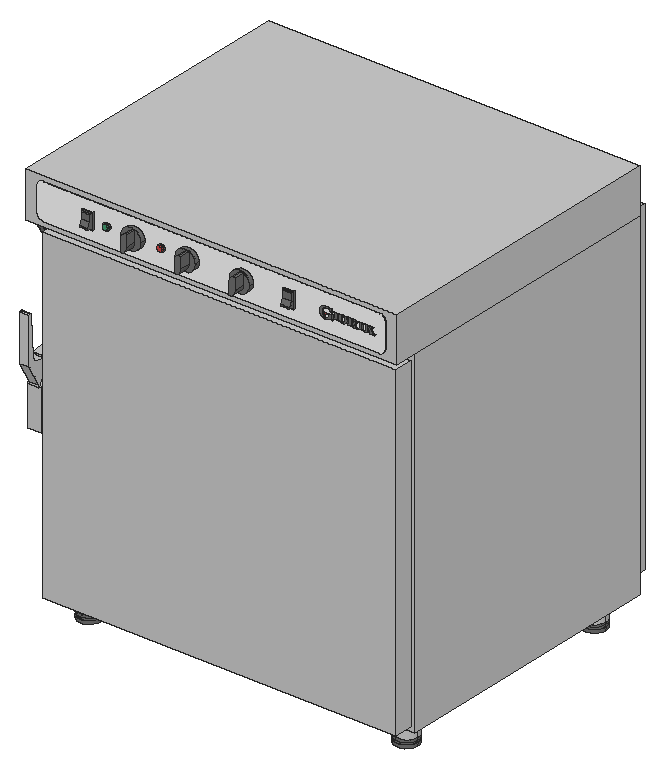
Revit family "QF_GIORIK_GR0711M_GR0711E_GR0711P", category Specialty Equipment, Revit 2014 (continued)
Automatic sketch dimensions
  Extrusion 8 sketch curve to Extrusion 8 sketch curve = 1.347 mm
  Extrusion 8 sketch curve to Extrusion 8 sketch curve = 1.469 mm
  Extrusion 8 sketch curve to Extrusion 8 sketch curve = 4.081 mm
  Extrusion 8 sketch curve to Extrusion 8 sketch curve = 3.564 mm
  Extrusion 8 sketch curve to Extrusion 8 sketch curve = 3.242 mm
  Extrusion 8 sketch curve to Extrusion 8 sketch curve = 0.899 mm
  Extrusion 8 sketch curve to Extrusion 8 sketch curve = 1.294 mm
  Extrusion 8 sketch curve to Extrusion 8 sketch curve = 15.009 mm
  Extrusion 8 sketch curve to Extrusion 8 sketch curve = 2.344 mm  (x8)
  Extrusion 8 sketch curve to Extrusion 8 sketch curve = 1 mm
  Extrusion 8 sketch curve to Extrusion 8 sketch curve = 1.461 mm
  Extrusion 8 sketch curve to Extrusion 8 sketch curve = 1.786 mm
  Extrusion 8 sketch curve to Extrusion 8 sketch curve = 1.919 mm
  Extrusion 8 sketch curve to Extrusion 8 sketch curve = 2.046 mm
  Extrusion 8 sketch curve to Extrusion 8 sketch curve = 1.137 mm
  Extrusion 8 sketch curve to Extrusion 8 sketch curve = 3.153 mm
  Extrusion 8 sketch curve to Extrusion 8 sketch curve = 3.783 mm
  Extrusion 8 sketch curve to Extrusion 8 sketch curve = 1.816 mm  (x2)
  Extrusion 8 sketch curve to Extrusion 8 sketch curve = 1.67 mm
  Extrusion 8 sketch curve to Extrusion 8 sketch curve = 3.513 mm
  Extrusion 8 sketch curve to Extrusion 8 sketch curve = 2.539 mm
  Extrusion 8 sketch curve to Extrusion 8 sketch curve = 4.042 mm
  Extrusion 8 sketch curve to Extrusion 8 sketch curve = 0.806 mm
  Extrusion 8 sketch curve to Extrusion 8 sketch curve = 0.873 mm
  Extrusion 8 sketch curve to Extrusion 8 sketch curve = 4.868 mm
  Extrusion 8 sketch curve to Extrusion 8 sketch curve = 2.243 mm
  Extrusion 8 sketch curve to Extrusion 8 sketch curve = 0.326 mm
  Extrusion 8 sketch curve to Extrusion 8 sketch curve = 2.593 mm  (x3)
  Extrusion 8 sketch curve to Extrusion 8 sketch curve = 1.506 mm
  Extrusion 8 sketch curve to Extrusion 8 sketch curve = 1.887 mm
  Extrusion 8 sketch curve to Extrusion 8 sketch curve = 1.99 mm
  Extrusion 8 sketch curve to Extrusion 8 sketch curve = 2.691 mm
  Extrusion 8 sketch curve to Extrusion 8 sketch curve = 3.345 mm
  Extrusion 8 sketch curve to Extrusion 8 sketch curve = 0.743 mm
  Extrusion 8 sketch curve to Extrusion 8 sketch curve = 3.185 mm
  Extrusion 8 sketch curve to Extrusion 8 sketch curve = 4.912 mm  (x2)
  Extrusion 8 sketch curve to Extrusion 8 sketch curve = 2.294 mm
  Extrusion 8 sketch curve to Extrusion 8 sketch curve = 3.131 mm
  Extrusion 8 sketch curve to Extrusion 8 sketch curve = 0.143 mm
  Extrusion 8 sketch curve to Extrusion 8 sketch curve = 1.861 mm
  Extrusion 8 sketch curve to Extrusion 8 sketch curve = 2.054 mm
  Extrusion 8 sketch curve to Extrusion 8 sketch curve = 1.787 mm
  Extrusion 9 sketch curve to plane 6 "Top" = 50.131 mm
  plane 4 "Right" to Extrusion 9 sketch curve = 150.095 mm
  Extrusion 9 sketch curve to plane 6 "Top" = 55.131 mm
  Extrusion 9 sketch curve to Extrusion 9 sketch curve = 6 mm  (x2)
  plane 3 "Left" to Extrusion 10 sketch curve = 60 mm
  plane 1 "Back" to Extrusion 10 sketch curve = 125 mm
  plane 3 "Left" to Extrusion 11 sketch curve = 60 mm
  plane 1 "Back" to Extrusion 11 sketch curve = 125 mm
  plane 3 "Left" to Extrusion 12 sketch curve = 60 mm
  plane 1 "Back" to Extrusion 12 sketch curve = 125 mm
  plane 3 "Left" to Extrusion 13 sketch curve = 60 mm
  plane 1 "Back" to Extrusion 13 sketch curve = 125 mm
  plane 3 "Left" to Extrusion 14 sketch curve = 60 mm
  plane 8 "Front oven" to Extrusion 14 sketch curve = 51 mm
  plane 3 "Left" to Extrusion 15 sketch curve = 60 mm
  plane 8 "Front oven" to Extrusion 15 sketch curve = 51 mm
  plane 3 "Left" to Extrusion 16 sketch curve = 60 mm
  plane 8 "Front oven" to Extrusion 16 sketch curve = 51 mm
  plane 3 "Left" to Extrusion 17 sketch curve = 60 mm
  plane 8 "Front oven" to Extrusion 17 sketch curve = 51 mm
  plane 4 "Right" to Extrusion 18 sketch curve = 60 mm
  plane 1 "Back" to Extrusion 18 sketch curve = 125 mm
  plane 4 "Right" to Extrusion 19 sketch curve = 60 mm
  plane 1 "Back" to Extrusion 19 sketch curve = 125 mm
  plane 4 "Right" to Extrusion 20 sketch curve = 60 mm
  plane 1 "Back" to Extrusion 20 sketch curve = 125 mm
  plane 4 "Right" to Extrusion 21 sketch curve = 60 mm
  plane 1 "Back" to Extrusion 21 sketch curve = 125 mm
  plane 4 "Right" to Extrusion 22 sketch curve = 60 mm
  plane 8 "Front oven" to Extrusion 22 sketch curve = 51 mm
  plane 4 "Right" to Extrusion 23 sketch curve = 60 mm
  plane 8 "Front oven" to Extrusion 23 sketch curve = 51 mm
  plane 4 "Right" to Extrusion 24 sketch curve = 60 mm
  plane 8 "Front oven" to Extrusion 24 sketch curve = 51 mm
  plane 4 "Right" to Extrusion 25 sketch curve = 60 mm
  plane 8 "Front oven" to Extrusion 25 sketch curve = 51 mm
  Extrusion 26 sketch curve to plane 7 "Legs height" = 0 mm
  plane 3 "Left" to Extrusion 26 sketch curve = 50 mm
  plane 4 "Right" to Extrusion 26 sketch curve = 50 mm
  Extrusion 26 sketch curve to plane 6 "Top" = 125 mm
  Extrusion 27 sketch curve to plane 3 "Left" = 0 mm
  plane 4 "Right" to Extrusion 27 sketch curve = 0 mm
  Extrusion 27 sketch curve to plane 6 "Top" = 0 mm
  Extrusion 27 sketch curve to Extrusion 27 sketch curve = 100 mm
  Extrusion 28 sketch curve to plane 5 "Front" = 2.5 mm
  plane 5 "Front" to Extrusion 28 sketch curve = 10.5 mm
  Extrusion 28 sketch curve to plane 8 "Front oven" = 12.5 mm
  plane 7 "Legs height" to Extrusion 28 sketch curve = 337 mm
  Extrusion 28 sketch curve to Extrusion 28 sketch curve = 5 mm
  Extrusion 28 sketch curve to Extrusion 28 sketch curve = 88 mm
  Extrusion 28 sketch curve to Extrusion 28 sketch curve = 26.5 mm
  Extrusion 28 sketch curve to Extrusion 28 sketch curve = 29 mm
  Extrusion 28 sketch curve to Extrusion 28 sketch curve = 1.5 mm
  Extrusion 29 sketch curve to plane 5 "Front" = 30 mm
  Extrusion 29 sketch curve to Extrusion 29 sketch curve = 2.5 mm  (x3)
  Extrusion 29 sketch curve to Extrusion 29 sketch curve = 11.414 mm
  Extrusion 29 sketch curve to plane 5 "Front" = 9.655 mm
  Extrusion 29 sketch curve to plane 5 "Front" = 8.61 mm
  Extrusion 29 sketch curve to plane 5 "Front" = 2.5 mm
  plane 5 "Front" to Extrusion 29 sketch curve = 10.5 mm
  Extrusion 29 sketch curve to plane 6 "Top" = 420 mm
  Extrusion 29 sketch curve to Extrusion 29 sketch curve = 4.31 mm
  Extrusion 29 sketch curve to Extrusion 29 sketch curve = 22.19 mm
  Extrusion 29 sketch curve to Extrusion 29 sketch curve = 25.58 mm
  Extrusion 29 sketch curve to Extrusion 29 sketch curve = 26.716 mm
  Extrusion 29 sketch curve to Extrusion 29 sketch curve = 2.117 mm
  Extrusion 29 sketch curve to Extrusion 29 sketch curve = 9.247 mm
  Extrusion 29 sketch curve to Extrusion 29 sketch curve = 89.129 mm
  Extrusion 30 sketch curve to plane 8 "Front oven" = 0 mm
  Extrusion 30 sketch curve to plane 8 "Front oven" = 2.8 mm
  Extrusion 30 sketch curve to Extrusion 30 sketch curve = 2.8 mm
  Extrusion 30 sketch curve to plane 8 "Front oven" = 5.3 mm
  Extrusion 30 sketch curve to Extrusion 30 sketch curve = 2.5 mm  (x3)
  Extrusion 30 sketch curve to Extrusion 30 sketch curve = 2.164 mm  (x2)
  Extrusion 30 sketch curve to Extrusion 30 sketch curve = 5.036 mm
  plane 7 "Legs height" to Extrusion 30 sketch curve = 336.3 mm
  Extrusion 30 sketch curve to Extrusion 30 sketch curve = 12.316 mm
  Extrusion 30 sketch curve to Extrusion 30 sketch curve = 0.683 mm  (x2)
  Extrusion 30 sketch curve to Extrusion 30 sketch curve = 12.047 mm
  Extrusion 30 sketch curve to Extrusion 30 sketch curve = 22.316 mm
  Extrusion 31 sketch curve to plane 6 "Top" = 43.954 mm
  plane 3 "Left" to Extrusion 31 sketch curve = 247.204 mm
  Extrusion 31 sketch curve to Extrusion 31 sketch curve = 0.004 mm
  Extrusion 31 sketch curve to Extrusion 31 sketch curve = 6.312 mm  (x2)
  Extrusion 31 sketch curve to Extrusion 31 sketch curve = 1.783 mm
  Extrusion 31 sketch curve to Extrusion 31 sketch curve = 8.091 mm
  Extrusion 31 sketch curve to Extrusion 31 sketch curve = 2.709 mm  (x2)
  Extrusion 31 sketch curve to Extrusion 31 sketch curve = 6.281 mm
  Extrusion 31 sketch curve to Extrusion 31 sketch curve = 13.077 mm  (x2)
  Extrusion 32 sketch curve to plane 6 "Top" = 49.804 mm
  plane 3 "Left" to Extrusion 32 sketch curve = 240 mm
  Extrusion 33 sketch curve to plane 6 "Top" = 43.954 mm
  plane 3 "Left" to Extrusion 33 sketch curve = 367.204 mm
  Extrusion 33 sketch curve to Extrusion 33 sketch curve = 0.004 mm
  Extrusion 33 sketch curve to Extrusion 33 sketch curve = 6.312 mm  (x2)
  Extrusion 33 sketch curve to Extrusion 33 sketch curve = 1.783 mm
  Extrusion 33 sketch curve to Extrusion 33 sketch curve = 8.091 mm
  Extrusion 33 sketch curve to Extrusion 33 sketch curve = 2.709 mm  (x2)
  Extrusion 33 sketch curve to Extrusion 33 sketch curve = 6.281 mm
  Extrusion 33 sketch curve to Extrusion 33 sketch curve = 13.077 mm  (x2)
  Extrusion 34 sketch curve to plane 6 "Top" = 49.804 mm
  plane 3 "Left" to Extrusion 34 sketch curve = 360 mm
  Extrusion 35 sketch curve to plane 6 "Top" = 50 mm
  plane 3 "Left" to Extrusion 35 sketch curve = 180 mm
  Extrusion 36 sketch curve to plane 6 "Top" = 50 mm
  plane 3 "Left" to Extrusion 36 sketch curve = 300 mm
  Extrusion 37 sketch curve to plane 6 "Top" = 50 mm
  plane 3 "Left" to Extrusion 37 sketch curve = 300 mm
  Extrusion 38 sketch curve to plane 6 "Top" = 67.5 mm
  plane 3 "Left" to Extrusion 38 sketch curve = 150 mm
  Extrusion 38 sketch curve to Extrusion 38 sketch curve = 25 mm
  Extrusion 38 sketch curve to plane 6 "Top" = 32.5 mm
  Extrusion 39 sketch curve to plane 5 "Front" = 12.435 mm
  Extrusion 39 sketch curve to Extrusion 39 sketch curve = 1.813 mm
  Extrusion 39 sketch curve to plane 5 "Front" = 7 mm
  Extrusion 39 sketch curve to plane 5 "Front" = 3 mm
  Extrusion 39 sketch curve to plane 6 "Top" = 64.5 mm
  Extrusion 39 sketch curve to Extrusion 39 sketch curve = 2 mm
  Extrusion 39 sketch curve to Extrusion 39 sketch curve = 11.655 mm
  Extrusion 39 sketch curve to Extrusion 39 sketch curve = 14.5 mm
  plane 1 "Back" to Extrusion 40 sketch curve = 72.75 mm
  Extrusion 40 sketch curve to Extrusion 40 sketch curve = 7.874 mm  (x3)
  Extrusion 40 sketch curve to Extrusion 40 sketch curve = 2.002 mm  (x4)
  Extrusion 40 sketch curve to Extrusion 40 sketch curve = 15.748 mm  (x2)
  plane 7 "Legs height" to Extrusion 40 sketch curve = 208.05 mm
  Extrusion 40 sketch curve to Extrusion 40 sketch curve = 1.156 mm  (x3)
  Extrusion 40 sketch curve to Extrusion 40 sketch curve = 13.638 mm  (x4)
  Extrusion 40 sketch curve to Extrusion 40 sketch curve = 2.312 mm  (x2)
  plane 1 "Back" to Extrusion 41 sketch curve = 72.75 mm
  Extrusion 41 sketch curve to Extrusion 41 sketch curve = 7.874 mm  (x3)
  Extrusion 41 sketch curve to Extrusion 41 sketch curve = 2.002 mm  (x4)
  Extrusion 41 sketch curve to Extrusion 41 sketch curve = 15.748 mm  (x2)
  plane 7 "Legs height" to Extrusion 41 sketch curve = 208.05 mm
  Extrusion 41 sketch curve to Extrusion 41 sketch curve = 1.156 mm  (x3)
  Extrusion 41 sketch curve to Extrusion 41 sketch curve = 13.638 mm  (x4)
  Extrusion 41 sketch curve to Extrusion 41 sketch curve = 2.312 mm  (x2)
  plane 1 "Back" to Extrusion 42 sketch curve = 72.75 mm
  Extrusion 42 sketch curve to Extrusion 42 sketch curve = 7.874 mm  (x3)
  Extrusion 42 sketch curve to Extrusion 42 sketch curve = 2.002 mm  (x4)
  Extrusion 42 sketch curve to Extrusion 42 sketch curve = 15.748 mm  (x2)
  plane 7 "Legs height" to Extrusion 42 sketch curve = 208.05 mm
  Extrusion 42 sketch curve to Extrusion 42 sketch curve = 1.156 mm  (x3)
  Extrusion 42 sketch curve to Extrusion 42 sketch curve = 13.638 mm  (x4)
  Extrusion 42 sketch curve to Extrusion 42 sketch curve = 2.312 mm  (x2)
  Revolve 43 sketch curve to plane 8 "Front oven" = 0 mm  (x2)
  Revolve 43 sketch curve to plane 8 "Front oven" = 10.71 mm
  Revolve 43 sketch curve to Revolve 43 sketch curve = 0.186 mm
  Revolve 43 sketch curve to Revolve 43 sketch curve = 0.742 mm
  Revolve 43 sketch curve to Revolve 43 sketch curve = 3.081 mm
  Revolve 43 sketch curve to Revolve 43 sketch curve = 0.935 mm
  Revolve 43 sketch curve to Revolve 43 sketch curve = 8.362 mm
  plane 8 "Front oven" to Revolve 43 sketch curve = 46.511 mm
  Revolve 43 sketch curve to plane 6 "Top" = 125.457 mm
  Revolve 43 sketch curve to Revolve 43 sketch curve = 4.746 mm
  Revolve 43 sketch curve to Revolve 43 sketch curve = 8.097 mm
  Revolve 43 sketch curve to Revolve 43 sketch curve = 1.816 mm
  Revolve 43 sketch curve to Revolve 43 sketch curve = 0.564 mm
  Revolve 43 sketch curve to Revolve 43 sketch curve = 6.145 mm
  Revolve 43 sketch curve to Revolve 43 sketch curve = 0.19 mm
  Revolve 43 sketch curve to Revolve 43 sketch curve = 0 mm  (x2)
  Extrusion 44 sketch curve to plane 6 "Top" = 43.954 mm
  plane 4 "Right" to Extrusion 44 sketch curve = 332.796 mm
  Extrusion 44 sketch curve to Extrusion 44 sketch curve = 0.004 mm
  Extrusion 44 sketch curve to Extrusion 44 sketch curve = 6.312 mm  (x2)
  Extrusion 44 sketch curve to Extrusion 44 sketch curve = 1.783 mm
  Extrusion 44 sketch curve to Extrusion 44 sketch curve = 8.091 mm
  Extrusion 44 sketch curve to Extrusion 44 sketch curve = 2.709 mm  (x2)
  Extrusion 44 sketch curve to Extrusion 44 sketch curve = 6.281 mm
  Extrusion 44 sketch curve to Extrusion 44 sketch curve = 13.077 mm  (x2)
  Extrusion 45 sketch curve to plane 6 "Top" = 49.804 mm
  plane 4 "Right" to Extrusion 45 sketch curve = 340 mm
  plane 6 "Top" to Extrusion 46 sketch curve = 67.5 mm
  Extrusion 46 sketch curve to plane 4 "Right" = 250 mm
  Extrusion 46 sketch curve to Extrusion 46 sketch curve = 25 mm
  plane 6 "Top" to Extrusion 46 sketch curve = 32.5 mm
  Extrusion 47 sketch curve to plane 5 "Front" = 12.435 mm
  Extrusion 47 sketch curve to Extrusion 47 sketch curve = 1.813 mm
  Extrusion 47 sketch curve to plane 5 "Front" = 7 mm
  Extrusion 47 sketch curve to plane 5 "Front" = 3 mm
  Extrusion 47 sketch curve to plane 6 "Top" = 35.5 mm
  Extrusion 47 sketch curve to Extrusion 47 sketch curve = 14.5 mm
  Extrusion 47 sketch curve to Extrusion 47 sketch curve = 11.655 mm
  Extrusion 47 sketch curve to Extrusion 47 sketch curve = 0.845 mm
  plane 8 "Front oven" to Sweep 48 sketch curve = 225.46 mm
  plane 1 "Back" to Sweep 48 sketch curve = 10 mm
  plane 4 "Right" to Sweep 48 sketch curve = 175 mm
  plane 4 "Right" to Sweep 48 sketch curve = 380.045 mm
  Sweep 48 sketch curve to profile plane = 0 mm
  Sweep 48 sketch curve to plane 7 "Legs height" = 14 mm
  Sweep 49 sketch curve to plane 7 "Legs height" = 9.526 mm
  plane 7 "Legs height" to Sweep 49 sketch curve = 0.474 mm
  Sweep 49 sketch curve to Sweep 49 sketch curve = 10 mm
  Sweep 49 sketch curve to Sweep 49 sketch curve = 4 mm
  profile plane to Sweep 49 sketch curve = 4.474 mm
  profile plane to Sweep 49 sketch curve = 390 mm
  plane 8 "Front oven" to Sweep 50 sketch curve = 217.023 mm
  plane 4 "Right" to Sweep 50 sketch curve = 371.6 mm
  Sweep 50 sketch curve to Sweep 50 sketch curve = 27.406 mm
  Sweep 50 sketch curve to Sweep 50 sketch curve = 12.202 mm
  Sweep 50 sketch curve to profile plane = 0 mm
  Sweep 50 sketch curve to plane 7 "Legs height" = 14 mm
  plane 1 "Back" to Sweep 51 sketch curve = 79.938 mm
  Sweep 51 sketch curve to plane 6 "Top" = 55.782 mm
  Sweep 51 sketch curve to Sweep 51 sketch curve = 19.754 mm
  Sweep 51 sketch curve to Sweep 51 sketch curve = 3.129 mm
  Sweep 51 sketch curve to profile plane = 0 mm
  plane 3 "Left" to Sweep 51 sketch curve = 160 mm
  Extrusion 52 sketch curve to Extrusion 52 sketch curve = 0 mm  (x22)
  Extrusion 52 sketch curve to plane 6 "Top" = 44.5 mm
  plane 3 "Left" to Extrusion 52 sketch curve = 305 mm
  Extrusion 52 sketch curve to Extrusion 52 sketch curve = 2 mm  (x34)
  Extrusion 52 sketch curve to Extrusion 52 sketch curve = 1.474 mm
  Extrusion 52 sketch curve to Extrusion 52 sketch curve = 2.248 mm
  Extrusion 52 sketch curve to Extrusion 52 sketch curve = 2.335 mm  (x2)
  Extrusion 52 sketch curve to Extrusion 52 sketch curve = 1.658 mm  (x2)
  Extrusion 52 sketch curve to Extrusion 52 sketch curve = 2.455 mm
  Extrusion 52 sketch curve to Extrusion 52 sketch curve = 1.267 mm
  Extrusion 52 sketch curve to Extrusion 52 sketch curve = 2.654 mm
  Extrusion 52 sketch curve to plane 6 "Top" = 37.855 mm
  Extrusion 52 sketch curve to Extrusion 52 sketch curve = 2.67 mm
  Extrusion 52 sketch curve to plane 6 "Top" = 36.636 mm
  Extrusion 52 sketch curve to Extrusion 52 sketch curve = 1.218 mm
  Extrusion 52 sketch curve to Extrusion 52 sketch curve = 9.006 mm
  Extrusion 52 sketch curve to plane 6 "Top" = 41.986 mm
  Extrusion 52 sketch curve to Extrusion 52 sketch curve = 4.131 mm
  Extrusion 52 sketch curve to Extrusion 52 sketch curve = 0.927 mm
  Extrusion 52 sketch curve to Extrusion 52 sketch curve = 0.609 mm  (x2)
  Extrusion 52 sketch curve to plane 6 "Top" = 40.768 mm
  Extrusion 52 sketch curve to Extrusion 52 sketch curve = 2.659 mm  (x2)
  Extrusion 52 sketch curve to Extrusion 52 sketch curve = 6.643 mm
  Extrusion 52 sketch curve to Extrusion 52 sketch curve = 2.025 mm
  Extrusion 52 sketch curve to Extrusion 52 sketch curve = 18 mm  (x8)
  Extrusion 52 sketch curve to Extrusion 52 sketch curve = 2.349 mm
  Extrusion 52 sketch curve to Extrusion 52 sketch curve = 0.444 mm  (x2)
  Extrusion 52 sketch curve to plane 6 "Top" = 67.155 mm
  Extrusion 52 sketch curve to Extrusion 52 sketch curve = 2.311 mm
  Extrusion 52 sketch curve to Extrusion 52 sketch curve = 5.8 mm  (x2)
  Extrusion 52 sketch curve to plane 6 "Top" = 73.749 mm
  Extrusion 52 sketch curve to Extrusion 52 sketch curve = 1.282 mm
  Extrusion 52 sketch curve to Extrusion 52 sketch curve = 1.5 mm  (x4)
  Extrusion 52 sketch curve to Extrusion 52 sketch curve = 1.2 mm  (x2)
  Extrusion 52 sketch curve to plane 6 "Top" = 71.356 mm
  Extrusion 52 sketch curve to Extrusion 52 sketch curve = 1.035 mm  (x2)
  Extrusion 52 sketch curve to plane 6 "Top" = 72.138 mm
  Extrusion 52 sketch curve to Extrusion 52 sketch curve = 0.152 mm
  Extrusion 52 sketch curve to Extrusion 52 sketch curve = 0.177 mm
  Extrusion 52 sketch curve to Extrusion 52 sketch curve = 0.136 mm
  Extrusion 52 sketch curve to Extrusion 52 sketch curve = 2.103 mm
  Extrusion 52 sketch curve to plane 6 "Top" = 69.363 mm
  Extrusion 52 sketch curve to Extrusion 52 sketch curve = 0.174 mm
  Extrusion 52 sketch curve to plane 6 "Top" = 67.882 mm
  Extrusion 52 sketch curve to Extrusion 52 sketch curve = 0.195 mm
  Extrusion 52 sketch curve to Extrusion 52 sketch curve = 3.349 mm
  Extrusion 52 sketch curve to Extrusion 52 sketch curve = 1.151 mm
  Extrusion 52 sketch curve to Extrusion 52 sketch curve = 1.614 mm
  Extrusion 52 sketch curve to Extrusion 52 sketch curve = 5.293 mm
  Extrusion 52 sketch curve to Extrusion 52 sketch curve = 7 mm  (x3)
  Extrusion 52 sketch curve to plane 6 "Top" = 67.679 mm
  Extrusion 52 sketch curve to Extrusion 52 sketch curve = 3.443 mm
  Extrusion 52 sketch curve to plane 6 "Top" = 38.133 mm  (x2)
  Extrusion 52 sketch curve to Extrusion 52 sketch curve = 3.462 mm  (x2)
  Extrusion 52 sketch curve to plane 6 "Top" = 67.044 mm
  Extrusion 52 sketch curve to Extrusion 52 sketch curve = 0.552 mm
  Extrusion 52 sketch curve to plane 6 "Top" = 70.886 mm
  Extrusion 52 sketch curve to Extrusion 52 sketch curve = 1.681 mm
  Extrusion 52 sketch curve to plane 6 "Top" = 71.607 mm
  Extrusion 52 sketch curve to Extrusion 52 sketch curve = 0.433 mm
  Extrusion 52 sketch curve to plane 6 "Top" = 70.753 mm
  Extrusion 52 sketch curve to Extrusion 52 sketch curve = 0.689 mm
  Extrusion 52 sketch curve to Extrusion 52 sketch curve = 3.538 mm
  Extrusion 52 sketch curve to plane 6 "Top" = 31.429 mm
  Extrusion 52 sketch curve to plane 6 "Top" = 69.717 mm
  Extrusion 52 sketch curve to plane 6 "Top" = 70.297 mm
  Extrusion 52 sketch curve to Extrusion 52 sketch curve = 0.737 mm
  Extrusion 52 sketch curve to plane 6 "Top" = 71.549 mm
  Extrusion 52 sketch curve to Extrusion 52 sketch curve = 0.916 mm
  Extrusion 52 sketch curve to plane 6 "Top" = 68.041 mm
  Extrusion 52 sketch curve to Extrusion 52 sketch curve = 2.121 mm
  Extrusion 52 sketch curve to Extrusion 52 sketch curve = 4.142 mm
  Extrusion 52 sketch curve to Extrusion 52 sketch curve = 6.106 mm
  Extrusion 52 sketch curve to Extrusion 52 sketch curve = 16 mm  (x2)
  Extrusion 52 sketch curve to Extrusion 52 sketch curve = 3 mm  (x5)
  Extrusion 52 sketch curve to Extrusion 52 sketch curve = 4 mm  (x2)
  Extrusion 52 sketch curve to Extrusion 52 sketch curve = 6 mm  (x4)
  Extrusion 52 sketch curve to Extrusion 52 sketch curve = 2.25 mm  (x4)
  Extrusion 52 sketch curve to Extrusion 52 sketch curve = 6.25 mm  (x5)
  Extrusion 52 sketch curve to Extrusion 52 sketch curve = 26 mm
  Extrusion 52 sketch curve to Extrusion 52 sketch curve = 11 mm
  Extrusion 52 sketch curve to Extrusion 52 sketch curve = 4.5 mm  (x3)
  Extrusion 52 sketch curve to Extrusion 52 sketch curve = 9 mm
  Extrusion 52 sketch curve to Extrusion 52 sketch curve = 5 mm
  Extrusion 52 sketch curve to Extrusion 52 sketch curve = 1.1 mm
  Extrusion 52 sketch curve to Extrusion 52 sketch curve = 2.028 mm
  Extrusion 52 sketch curve to Extrusion 52 sketch curve = 2.46 mm  (x2)
  Extrusion 52 sketch curve to plane 6 "Top" = 69.626 mm
  Extrusion 52 sketch curve to Extrusion 52 sketch curve = 1.568 mm
  Extrusion 52 sketch curve to plane 6 "Top" = 64.8 mm
  Extrusion 52 sketch curve to Extrusion 52 sketch curve = 3.722 mm
  Extrusion 52 sketch curve to plane 6 "Top" = 65.707 mm
  Extrusion 52 sketch curve to Extrusion 52 sketch curve = 0.691 mm  (x2)
  Extrusion 52 sketch curve to Extrusion 52 sketch curve = 1.981 mm
  Extrusion 52 sketch curve to plane 6 "Top" = 67.766 mm
  Extrusion 52 sketch curve to Extrusion 52 sketch curve = 3.032 mm
  Extrusion 52 sketch curve to Extrusion 52 sketch curve = 5.967 mm
  Extrusion 52 sketch curve to Extrusion 52 sketch curve = 1.58 mm
  Extrusion 52 sketch curve to plane 6 "Top" = 73.635 mm
  Extrusion 52 sketch curve to Extrusion 52 sketch curve = 0.39 mm
  Extrusion 52 sketch curve to Extrusion 52 sketch curve = 1.354 mm
  Extrusion 52 sketch curve to Extrusion 52 sketch curve = 11.54 mm  (x2)
  Extrusion 52 sketch curve to Extrusion 52 sketch curve = 1.14 mm
  Extrusion 52 sketch curve to Extrusion 52 sketch curve = 1.208 mm
  Extrusion 52 sketch curve to Extrusion 52 sketch curve = 3.657 mm
  Extrusion 52 sketch curve to Extrusion 52 sketch curve = 1 mm  (x8)
  Extrusion 52 sketch curve to Extrusion 52 sketch curve = 0.5 mm  (x8)
  Extrusion 52 sketch curve to Extrusion 52 sketch curve = 1.176 mm
  Extrusion 52 sketch curve to Extrusion 52 sketch curve = 0.846 mm
  Extrusion 52 sketch curve to Extrusion 52 sketch curve = 5.487 mm  (x2)
  Extrusion 52 sketch curve to Extrusion 52 sketch curve = 0.513 mm  (x2)
  Extrusion 52 sketch curve to Extrusion 52 sketch curve = 6.953 mm
  Extrusion 52 sketch curve to Extrusion 52 sketch curve = 2.807 mm
  Extrusion 52 sketch curve to Extrusion 52 sketch curve = 2.849 mm
  Extrusion 52 sketch curve to Extrusion 52 sketch curve = 2.022 mm
  Extrusion 52 sketch curve to Extrusion 52 sketch curve = 2.064 mm
  Extrusion 52 sketch curve to Extrusion 52 sketch curve = 27.956 mm
  Extrusion 52 sketch curve to Extrusion 52 sketch curve = 5.218 mm
  Extrusion 52 sketch curve to Extrusion 52 sketch curve = 2.003 mm
  Extrusion 52 sketch curve to Extrusion 52 sketch curve = 2.865 mm
  Extrusion 52 sketch curve to Extrusion 52 sketch curve = 2.156 mm
  Extrusion 52 sketch curve to Extrusion 52 sketch curve = 2.544 mm  (x2)
  Extrusion 52 sketch curve to Extrusion 52 sketch curve = 5.393 mm
  Extrusion 52 sketch curve to Extrusion 52 sketch curve = 3.365 mm
  Extrusion 52 sketch curve to Extrusion 52 sketch curve = 3.251 mm
  Extrusion 52 sketch curve to Extrusion 52 sketch curve = 49.625 mm
  Extrusion 52 sketch curve to Extrusion 52 sketch curve = 0.7 mm
  Extrusion 52 sketch curve to Extrusion 52 sketch curve = 1.584 mm
  Extrusion 52 sketch curve to Extrusion 52 sketch curve = 2.649 mm  (x2)
  Extrusion 52 sketch curve to Extrusion 52 sketch curve = 1.063 mm
  Extrusion 52 sketch curve to Extrusion 52 sketch curve = 1.13 mm
  Extrusion 52 sketch curve to Extrusion 52 sketch curve = 0.283 mm
  Extrusion 52 sketch curve to Extrusion 52 sketch curve = 6.5 mm
  Extrusion 52 sketch curve to Extrusion 52 sketch curve = 2.302 mm
  Extrusion 52 sketch curve to Extrusion 52 sketch curve = 1.093 mm
  Extrusion 52 sketch curve to Extrusion 52 sketch curve = 1.391 mm
  Extrusion 52 sketch curve to Extrusion 52 sketch curve = 0.396 mm
  Extrusion 52 sketch curve to Extrusion 52 sketch curve = 0.255 mm
  Extrusion 52 sketch curve to Extrusion 52 sketch curve = 0.727 mm
  Extrusion 52 sketch curve to Extrusion 52 sketch curve = 2.242 mm
  Extrusion 52 sketch curve to Extrusion 52 sketch curve = 4.385 mm
  Extrusion 52 sketch curve to Extrusion 52 sketch curve = 1.021 mm
  Extrusion 52 sketch curve to Extrusion 52 sketch curve = 0.594 mm
  Extrusion 52 sketch curve to Extrusion 52 sketch curve = 1.094 mm
  Extrusion 52 sketch curve to Extrusion 52 sketch curve = 5.041 mm
  Extrusion 52 sketch curve to Extrusion 52 sketch curve = 4.746 mm
  Extrusion 52 sketch curve to Extrusion 52 sketch curve = 2.496 mm
  Extrusion 52 sketch curve to Extrusion 52 sketch curve = 13.798 mm  (x2)
  Extrusion 52 sketch curve to Extrusion 52 sketch curve = 8.367 mm
  Extrusion 52 sketch curve to Extrusion 52 sketch curve = 14.5 mm  (x3)
  Extrusion 52 sketch curve to Extrusion 52 sketch curve = 2.702 mm  (x3)
  Extrusion 52 sketch curve to Extrusion 52 sketch curve = 1.844 mm
  Extrusion 52 sketch curve to Extrusion 52 sketch curve = 2.5 mm  (x2)
  Extrusion 52 sketch curve to Extrusion 52 sketch curve = 1.254 mm  (x2)
  Extrusion 52 sketch curve to Extrusion 52 sketch curve = 1.867 mm
  Extrusion 52 sketch curve to Extrusion 52 sketch curve = 2.193 mm
  Extrusion 52 sketch curve to Extrusion 52 sketch curve = 2.344 mm
  Extrusion 52 sketch curve to Extrusion 52 sketch curve = 1.147 mm
  Extrusion 52 sketch curve to Extrusion 52 sketch curve = 3.002 mm
  Extrusion 52 sketch curve to Extrusion 52 sketch curve = 2.944 mm
  Extrusion 52 sketch curve to Extrusion 52 sketch curve = 5.807 mm
  Extrusion 52 sketch curve to Extrusion 52 sketch curve = 2.114 mm
  Extrusion 52 sketch curve to Extrusion 52 sketch curve = 11.5 mm  (x2)
  Extrusion 52 sketch curve to Extrusion 52 sketch curve = 6.136 mm
  Extrusion 52 sketch curve to Extrusion 52 sketch curve = 14 mm
  Extrusion 52 sketch curve to Extrusion 52 sketch curve = 0.929 mm
  plane 6 "Top" to Extrusion 52 sketch curve = 53.625 mm
  plane 6 "Top" to Extrusion 53 sketch curve = 67.5 mm
  Extrusion 53 sketch curve to plane 3 "Left" = 355 mm
  Extrusion 53 sketch curve to Extrusion 53 sketch curve = 25 mm
  plane 6 "Top" to Extrusion 53 sketch curve = 32.5 mm
  Extrusion 54 sketch curve to plane 5 "Front" = 12.435 mm
  Extrusion 54 sketch curve to Extrusion 54 sketch curve = 1.813 mm
  Extrusion 54 sketch curve to plane 5 "Front" = 7 mm
  Extrusion 54 sketch curve to plane 5 "Front" = 3 mm
  Extrusion 54 sketch curve to plane 6 "Top" = 35.5 mm
  Extrusion 54 sketch curve to Extrusion 54 sketch curve = 14.5 mm
  Extrusion 54 sketch curve to Extrusion 54 sketch curve = 11.655 mm
  Extrusion 54 sketch curve to Extrusion 54 sketch curve = 0.845 mm
  Extrusion 55 sketch curve to plane 6 "Top" = 25.5 mm  (x2)
  plane 3 "Left" to Extrusion 55 sketch curve = 286.5 mm
  Extrusion 55 sketch curve to Extrusion 55 sketch curve = 0 mm  (x5)
  Extrusion 55 sketch curve to Extrusion 55 sketch curve = 17 mm
  Extrusion 55 sketch curve to Extrusion 55 sketch curve = 36 mm  (x3)
  Extrusion 55 sketch curve to Extrusion 55 sketch curve = 19 mm
  Extrusion 55 sketch curve to Extrusion 55 sketch curve = 24.5 mm
  Extrusion 55 sketch curve to Extrusion 55 sketch curve = 40 mm
  Extrusion 55 sketch curve to Extrusion 55 sketch curve = 12.5 mm
  Extrusion 55 sketch curve to Extrusion 55 sketch curve = 31 mm
  Extrusion 55 sketch curve to plane 6 "Top" = 30.5 mm
  Extrusion 55 sketch curve to Extrusion 55 sketch curve = 5 mm  (x2)
  Extrusion 55 sketch curve to Extrusion 55 sketch curve = 14 mm
  Extrusion 55 sketch curve to Extrusion 55 sketch curve = 32.5 mm  (x2)
  Extrusion 55 sketch curve to Extrusion 55 sketch curve = 13.5 mm
  Extrusion 55 sketch curve to Extrusion 55 sketch curve = 22.5 mm
  Extrusion 55 sketch curve to Extrusion 55 sketch curve = 10 mm
  plane 6 "Top" to Extrusion 57 sketch curve = 67.5 mm
  Extrusion 57 sketch curve to plane 3 "Left" = 355 mm
  Extrusion 57 sketch curve to Extrusion 57 sketch curve = 25 mm
  Extrusion 57 sketch curve to Extrusion 57 sketch curve = 35 mm
  Extrusion 58 sketch curve to plane 5 "Front" = 12.435 mm
  Extrusion 58 sketch curve to Extrusion 58 sketch curve = 1.813 mm
  Extrusion 58 sketch curve to plane 5 "Front" = 7 mm
  Extrusion 58 sketch curve to plane 5 "Front" = 3 mm
  Extrusion 58 sketch curve to plane 6 "Top" = 35.5 mm
  Extrusion 58 sketch curve to Extrusion 58 sketch curve = 14.5 mm
  Extrusion 58 sketch curve to Extrusion 58 sketch curve = 11.655 mm
  Extrusion 58 sketch curve to Extrusion 58 sketch curve = 0.845 mm
  Extrusion 59 sketch curve to plane 6 "Top" = 25.5 mm
  plane 3 "Left" to Extrusion 59 sketch curve = 286.5 mm
  Extrusion 59 sketch curve to Extrusion 59 sketch curve = 0 mm  (x4)
  Extrusion 59 sketch curve to Extrusion 59 sketch curve = 17 mm
  Extrusion 59 sketch curve to Extrusion 59 sketch curve = 36 mm  (x2)
  Extrusion 59 sketch curve to Extrusion 59 sketch curve = 19 mm
  Extrusion 59 sketch curve to Extrusion 59 sketch curve = 24.5 mm
  Extrusion 59 sketch curve to Extrusion 59 sketch curve = 40 mm
  Extrusion 59 sketch curve to plane 6 "Top" = 30.5 mm
  Extrusion 59 sketch curve to Extrusion 59 sketch curve = 14 mm
  Extrusion 59 sketch curve to Extrusion 59 sketch curve = 32.5 mm  (x2)
  Extrusion 59 sketch curve to Extrusion 59 sketch curve = 13.5 mm  (x2)
  Extrusion 59 sketch curve to Extrusion 59 sketch curve = 5 mm
  Extrusion 56 sketch curve to Extrusion 56 sketch curve = 0 mm  (x11)
  Extrusion 56 sketch curve to plane 6 "Top" = 44.5 mm
  plane 3 "Left" to Extrusion 56 sketch curve = 305 mm
  Extrusion 56 sketch curve to Extrusion 56 sketch curve = 2 mm  (x25)
  Extrusion 56 sketch curve to Extrusion 56 sketch curve = 1.474 mm
  Extrusion 56 sketch curve to Extrusion 56 sketch curve = 2.248 mm
  Extrusion 56 sketch curve to Extrusion 56 sketch curve = 0.861 mm  (x2)
  Extrusion 56 sketch curve to Extrusion 56 sketch curve = 1.658 mm  (x2)
  Extrusion 56 sketch curve to Extrusion 56 sketch curve = 2.455 mm
  Extrusion 56 sketch curve to Extrusion 56 sketch curve = 1.267 mm
  Extrusion 56 sketch curve to Extrusion 56 sketch curve = 2.654 mm
  Extrusion 56 sketch curve to plane 6 "Top" = 37.855 mm
  Extrusion 56 sketch curve to Extrusion 56 sketch curve = 2.67 mm
  Extrusion 56 sketch curve to plane 6 "Top" = 36.636 mm
  Extrusion 56 sketch curve to Extrusion 56 sketch curve = 1.218 mm
  Extrusion 56 sketch curve to Extrusion 56 sketch curve = 9.006 mm
  Extrusion 56 sketch curve to plane 6 "Top" = 41.986 mm
  Extrusion 56 sketch curve to Extrusion 56 sketch curve = 4.131 mm
  Extrusion 56 sketch curve to Extrusion 56 sketch curve = 0.927 mm
  Extrusion 56 sketch curve to Extrusion 56 sketch curve = 0.609 mm  (x2)
  Extrusion 56 sketch curve to plane 6 "Top" = 40.768 mm
  Extrusion 56 sketch curve to Extrusion 56 sketch curve = 2.659 mm  (x2)
  Extrusion 56 sketch curve to Extrusion 56 sketch curve = 6.643 mm
  Extrusion 56 sketch curve to Extrusion 56 sketch curve = 2.025 mm
  Extrusion 56 sketch curve to Extrusion 56 sketch curve = 18 mm  (x6)
  Extrusion 56 sketch curve to Extrusion 56 sketch curve = 2.349 mm
  Extrusion 56 sketch curve to Extrusion 56 sketch curve = 0.444 mm  (x2)
  Extrusion 56 sketch curve to Extrusion 56 sketch curve = 2.311 mm
  Extrusion 56 sketch curve to Extrusion 56 sketch curve = 5.8 mm  (x2)
  Extrusion 56 sketch curve to Extrusion 56 sketch curve = 1.282 mm
  Extrusion 56 sketch curve to Extrusion 56 sketch curve = 1.5 mm  (x6)
  Extrusion 56 sketch curve to Extrusion 56 sketch curve = 1.2 mm  (x2)
  Extrusion 56 sketch curve to plane 6 "Top" = 71.356 mm
  Extrusion 56 sketch curve to Extrusion 56 sketch curve = 1.035 mm
  Extrusion 56 sketch curve to plane 6 "Top" = 72.138 mm
  Extrusion 56 sketch curve to Extrusion 56 sketch curve = 0.152 mm
  Extrusion 56 sketch curve to plane 6 "Top" = 73.049 mm
  Extrusion 56 sketch curve to Extrusion 56 sketch curve = 0.177 mm
  Extrusion 56 sketch curve to Extrusion 56 sketch curve = 0.136 mm
  Extrusion 56 sketch curve to plane 6 "Top" = 65.496 mm
  Extrusion 56 sketch curve to Extrusion 56 sketch curve = 2.103 mm
  Extrusion 56 sketch curve to plane 6 "Top" = 67.155 mm
  Extrusion 56 sketch curve to plane 6 "Top" = 69.363 mm
  Extrusion 56 sketch curve to Extrusion 56 sketch curve = 0.174 mm
  Extrusion 56 sketch curve to plane 6 "Top" = 67.882 mm
  Extrusion 56 sketch curve to Extrusion 56 sketch curve = 0.195 mm
  Extrusion 56 sketch curve to Extrusion 56 sketch curve = 3.349 mm
  Extrusion 56 sketch curve to Extrusion 56 sketch curve = 1.151 mm
  Extrusion 56 sketch curve to Extrusion 56 sketch curve = 1.614 mm
  Extrusion 56 sketch curve to Extrusion 56 sketch curve = 7 mm  (x3)
  Extrusion 56 sketch curve to Extrusion 56 sketch curve = 5.293 mm
  Extrusion 56 sketch curve to plane 6 "Top" = 67.679 mm
  Extrusion 56 sketch curve to Extrusion 56 sketch curve = 3.443 mm  (x2)
  Extrusion 56 sketch curve to plane 6 "Top" = 38.133 mm  (x2)
  Extrusion 56 sketch curve to Extrusion 56 sketch curve = 3.462 mm  (x2)
  Extrusion 56 sketch curve to plane 6 "Top" = 67.044 mm
  Extrusion 56 sketch curve to Extrusion 56 sketch curve = 0.552 mm
  Extrusion 56 sketch curve to plane 6 "Top" = 70.886 mm
  Extrusion 56 sketch curve to Extrusion 56 sketch curve = 1.681 mm
  Extrusion 56 sketch curve to plane 6 "Top" = 71.607 mm
  Extrusion 56 sketch curve to Extrusion 56 sketch curve = 0.433 mm
  Extrusion 56 sketch curve to plane 6 "Top" = 70.753 mm
  Extrusion 56 sketch curve to Extrusion 56 sketch curve = 0.689 mm
  Extrusion 56 sketch curve to Extrusion 56 sketch curve = 3.538 mm
  Extrusion 56 sketch curve to plane 6 "Top" = 31.429 mm
  Extrusion 56 sketch curve to plane 6 "Top" = 69.717 mm
  Extrusion 56 sketch curve to plane 6 "Top" = 70.297 mm
  Extrusion 56 sketch curve to Extrusion 56 sketch curve = 0.737 mm
  Extrusion 56 sketch curve to plane 6 "Top" = 71.549 mm
  Extrusion 56 sketch curve to Extrusion 56 sketch curve = 0.916 mm
  Extrusion 56 sketch curve to plane 6 "Top" = 68.041 mm
  Extrusion 56 sketch curve to Extrusion 56 sketch curve = 2.121 mm
  Extrusion 56 sketch curve to Extrusion 56 sketch curve = 6.106 mm
  Extrusion 56 sketch curve to Extrusion 56 sketch curve = 4.142 mm
  Extrusion 56 sketch curve to Extrusion 56 sketch curve = 16 mm
  Extrusion 56 sketch curve to Extrusion 56 sketch curve = 3 mm  (x5)
  Extrusion 56 sketch curve to Extrusion 56 sketch curve = 4 mm  (x2)
  Extrusion 56 sketch curve to Extrusion 56 sketch curve = 6 mm  (x4)
  Extrusion 56 sketch curve to Extrusion 56 sketch curve = 2.25 mm  (x4)
  Extrusion 56 sketch curve to Extrusion 56 sketch curve = 6.25 mm  (x5)
  Extrusion 56 sketch curve to Extrusion 56 sketch curve = 11 mm
  Extrusion 56 sketch curve to Extrusion 56 sketch curve = 26 mm
  Extrusion 56 sketch curve to Extrusion 56 sketch curve = 4.5 mm  (x3)
  Extrusion 56 sketch curve to Extrusion 56 sketch curve = 9 mm
  Extrusion 56 sketch curve to Extrusion 56 sketch curve = 5 mm
  Extrusion 56 sketch curve to Extrusion 56 sketch curve = 1 mm  (x6)
  Extrusion 56 sketch curve to Extrusion 56 sketch curve = 0.5 mm  (x7)
  Extrusion 56 sketch curve to Extrusion 56 sketch curve = 5.487 mm  (x2)
  Extrusion 56 sketch curve to Extrusion 56 sketch curve = 0.513 mm  (x2)
  Extrusion 56 sketch curve to Extrusion 56 sketch curve = 0.7 mm
  Extrusion 56 sketch curve to plane 6 "Top" = 74.456 mm
  Extrusion 56 sketch curve to plane 6 "Top" = 76.5 mm
  Extrusion 56 sketch curve to plane 6 "Top" = 77 mm
  Extrusion 56 sketch curve to Extrusion 56 sketch curve = 3.251 mm
  Extrusion 56 sketch curve to Extrusion 56 sketch curve = 2.544 mm  (x2)
  Extrusion 56 sketch curve to Extrusion 56 sketch curve = 5.393 mm
  Extrusion 56 sketch curve to plane 6 "Top" = 128.625 mm
  Extrusion 56 sketch curve to Extrusion 56 sketch curve = 2.649 mm  (x2)
  Extrusion 56 sketch curve to Extrusion 56 sketch curve = 1.13 mm
  Extrusion 56 sketch curve to Extrusion 56 sketch curve = 6.5 mm
  Extrusion 56 sketch curve to Extrusion 56 sketch curve = 0.283 mm
  Extrusion 56 sketch curve to Extrusion 56 sketch curve = 1.093 mm
  Extrusion 56 sketch curve to Extrusion 56 sketch curve = 1.391 mm
  Extrusion 56 sketch curve to Extrusion 56 sketch curve = 2.242 mm
  Extrusion 56 sketch curve to Extrusion 56 sketch curve = 4.385 mm
  Extrusion 56 sketch curve to Extrusion 56 sketch curve = 1.021 mm
  Extrusion 56 sketch curve to Extrusion 56 sketch curve = 0.594 mm
  Extrusion 56 sketch curve to Extrusion 56 sketch curve = 1.094 mm
  Extrusion 56 sketch curve to Extrusion 56 sketch curve = 4.679 mm
  Extrusion 56 sketch curve to Extrusion 56 sketch curve = 2.496 mm
  Extrusion 56 sketch curve to Extrusion 56 sketch curve = 13.798 mm  (x2)
  Extrusion 56 sketch curve to Extrusion 56 sketch curve = 8.367 mm
  Extrusion 56 sketch curve to Extrusion 56 sketch curve = 14.5 mm
  Extrusion 56 sketch curve to Extrusion 56 sketch curve = 2.702 mm  (x3)
  Extrusion 56 sketch curve to Extrusion 56 sketch curve = 1.867 mm
  Extrusion 56 sketch curve to Extrusion 56 sketch curve = 2.193 mm
  Extrusion 56 sketch curve to Extrusion 56 sketch curve = 1.147 mm
  Extrusion 56 sketch curve to Extrusion 56 sketch curve = 3.002 mm
  Extrusion 56 sketch curve to Extrusion 56 sketch curve = 5.807 mm
  Extrusion 56 sketch curve to Extrusion 56 sketch curve = 0.929 mm
  Extrusion 56 sketch curve to Extrusion 56 sketch curve = 14 mm
  Extrusion 56 sketch curve to Extrusion 56 sketch curve = 78.518 mm
  Extrusion 59 sketch curve to Extrusion 59 sketch curve = 43.5 mm
  radius of Extrusion 6 sketch curve = 11 mm
  radius of Extrusion 7 sketch curve = 7.5 mm
  radius of Extrusion 10 sketch curve = 25 mm
  radius of Extrusion 11 sketch curve = 25 mm
  radius of Extrusion 12 sketch curve = 23 mm
  radius of Extrusion 13 sketch curve = 25 mm
  radius of Extrusion 14 sketch curve = 25 mm
  radius of Extrusion 15 sketch curve = 25 mm
  radius of Extrusion 16 sketch curve = 23 mm
  radius of Extrusion 17 sketch curve = 25 mm
  radius of Extrusion 18 sketch curve = 25 mm
  radius of Extrusion 19 sketch curve = 25 mm
  radius of Extrusion 20 sketch curve = 23 mm
  radius of Extrusion 21 sketch curve = 25 mm
  radius of Extrusion 22 sketch curve = 25 mm
  radius of Extrusion 23 sketch curve = 25 mm
  radius of Extrusion 24 sketch curve = 23 mm
  radius of Extrusion 25 sketch curve = 25 mm
  radius of Extrusion 32 sketch curve = 22.5 mm
  radius of Extrusion 34 sketch curve = 22.5 mm
  radius of Extrusion 35 sketch curve = 5.5 mm
  radius of Extrusion 36 sketch curve = 7.5 mm
  radius of Extrusion 37 sketch curve = 5.5 mm
  radius of Extrusion 45 sketch curve = 22.5 mm
  radius of Sweep 48 sketch curve = 11 mm
  radius of Sweep 49 sketch curve = 11 mm
  radius of Sweep 50 sketch curve = 14 mm
  radius of Sweep 51 sketch curve = 25 mm
  radius of Extrusion 52 sketch curve = 1.5 mm  (x2)
  radius of Extrusion 52 sketch curve = 6 mm
  radius of Extrusion 52 sketch curve = 5.3 mm
  radius of Extrusion 55 sketch curve = 2 mm  (x11)
  radius of Extrusion 59 sketch curve = 2 mm  (x8)
  radius of Extrusion 56 sketch curve = 6 mm
  radius of Extrusion 56 sketch curve = 5.3 mm
Connectors
  electrical at (26.271, -55, 284), driven by "Number of Poles", driven by "Volts", driven by "Apparent Power"
    settings: on Extrusion 40, index 5, voltage 400 V, apparent load 0 VA, apparent load phase1 9600 VA, apparent load phase2 0 VA, apparent load phase3 0 VA, power factor 1, load classification "Other", number of poles 3, system type 31, power factor state 1, is connector primary yes, connector utility no, sub classification motor no, connector description "Electrical connection"
  piping at (790, -55, 199), diameter 19.05, driven by "Cold Water Size"
    settings: on Extrusion 6, index 6, connector inside diameter 24", connector length 0 mm, flow factor 0, pipe flow 0.0 L/s, pressure drop 0.0 kPa, fitting loss kfactor 0, connector angle 0.00°, fixture units 0, engagement length 0 mm, angle of deflection 0.00°, flow configuration 1, flow direction 1, fitting loss method 0, system type 20, joint type 0, gender type 0, connector reference index -1, connector utility 0, adjustable connector no, is connector primary yes, connector description "Cold water inlet"
  piping at (645, -10, 46), diameter 19.05, driven by "Indirect Waste Size"
    settings: on Sweep 48, index 7, connector inside diameter 24", connector length 0 mm, flow factor 0, pipe flow 0.0 L/s, pressure drop 0.0 kPa, fitting loss kfactor 0, connector angle 0.00°, fixture units 0, engagement length 0 mm, angle of deflection 0.00°, flow configuration 1, flow direction 2, fitting loss method 0, system type 16, joint type 0, gender type 0, connector reference index -1, connector utility 0, adjustable connector no, is connector primary no, connector description "Drain"
Types (4, lengths in mm): name | Programmable electronic control | Mechanical control | Model | Electronic control | Description
  (no name) | no | yes | "GR0711M" | no | "REGENERATING OVEN 7 GN 1/1 - MECHANICAL VERSION"
  GR0711M | no | yes | "GR0711M" | no | "REGENERATING OVEN 7 GN 1/1 - MECHANICAL VERSION"
  GR0711P | yes | no | "GR0711P" | no | "HOLDING CABINET-REGENERATOR 7 GN 1/1  - PROGRAMMABLE ELECTRONIC VERSION"
  GR0711E | no | no | "GR0711E" | yes | "HOLDING CABINET-REGENERATOR 7 GN 1/1 - ELECTRONIC VERSION"
